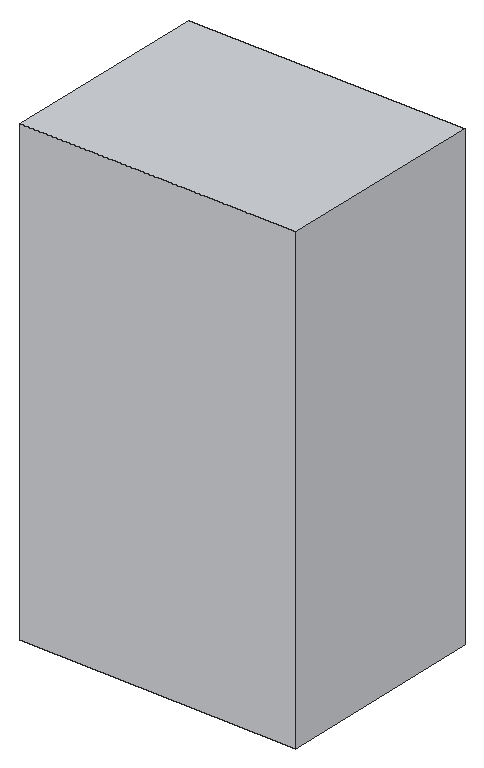
Revit family
Parameters
  Warranty Duration (Years) = 0
  Unit Width [instance] = 1' - 8 177/256"
  Unit Height [instance] = 0' - 9 99/256"
  Unit Depth = 0' - 0"
  URL = "http://www.americanspecialties.com/viewCategories.cfm"
  Trim Material = Glass 2
  Test Data = ""
  Specification = "http://www.arcat.com/sdspecs/htm/10810asi.htm"
  SpecWizard = ""
  Send Message = "http://www.arcat.com/users.pl?action=UserEmail&company=American%20Specialties,%20Inc.&coid=30448&rep=139&fax=914-476-0688&mf="
  Sales Information = "http://www.americanspecialties.com/contact"
  Revision = "R1_10-2010"
  Product Properties = "http://www.americanspecialties.com/datasheets/0361.pdf"
  Product Data = "http://www.arcat.com/arcatcos/cos30/arc30448.html"
  Model = "As Specified in 10 28 13"
  Manufacturer Website = "http://www.americanspecialties.com/viewCategories.cfm"
  Manufacturer Phone - Toll Free = ""
  Manufacturer Phone = "914-476-9000 "
  Manufacturer Fax = "914-476-0688"
  Manufacturer Address = "441 Saw Mill River Rd., Yonkers, NY 10701"
  Manufacturer = "American Specialties, Inc."
  Maintenance Schedule (Months) = 0
  Keynote = "10 28 13"
  Installation-Fabrication = "http://www.americanspecialties.com/products.cfm"
  Green Building-LEED = ""
  Expected Lifespan (Years) = 0
  Drawn By = "Robert S. Weygant. CSI, CDT, SCIP"  # constant formula
  Description = "Toilet Accessory as Specified in 10 28 13"
  Default Elevation = 4' - 0"
  Copyright = "©Arcat Inc."
  Construction Details = "http://www.arcat.com/green/clients/leed_data_30448.html"
  Building Codes = "http://www.americanspecialties.com/products.cfm"
  Body Material = Metal - Stainless Steel
  Assembly Code = "C1030210"
Reference planes (in)
  plane 1 "Center (Front/Back)": y = -0.29112
  plane 2 "Floor Line": z = 0
  plane 3 "Center (Left/Right)": x = -0.65843
  plane 4: z = 52.69336
  plane 5: x = -11.00414
  plane 6: x = 9.68727
  plane 7: z = 48
  plane 8: z = 57.38672
Forms (in)
  Extrusion 1, solid
    sketch origin (-3, -9, -6) x (0, 0, -1) y (1, 0, 0)
      loop
        line (-82, 26) -> (-82, -19.34712) -> (-6, -19.34712) -> (-6, 26) -> (-82, 26)
    from 9 to -25.60721
  Extrusion 2, solid, material "Metal - Stainless Steel" <- "Body Material"
    sketch origin (-2.97093, 0, 0) x (0, 1, 0) y (0, 0, 1)
      loop
        line (4.33306, 4.4375) -> (-2.34031, 4.4375) -> (-4.53449, 4.272)
        arc (-4.53449, 4.272) -> (-4.59183, 4.24647) -> (-4.62322, 4.19211) r 0.10156
        line (-4.62322, 4.19211) -> (-5.07567, 2.06346) -> (-5.49815, 1.53332) -> (-5.49815, 0.10156)
        arc (-5.49815, 0.10156) -> (-5.4684, 0.02975) -> (-5.39659, 0) r 0.10156
        line (-5.39659, 0) -> (4.81435, 0) -> (4.43423, 4.34479)
        arc (4.43423, 4.34479) -> (4.40167, 4.41082) -> (4.33306, 4.4375) r 0.10156
    from 0 to 4.625
  Revolve 3, void
    sketch origin (0, 0, 4.4375) x (1, 0, 0) y (0, 1, 0)
      loop
        spline (-0.64824, -0.29112) -> (-0.59441, -0.26738) -> (-0.54172, -0.19666) -> (-0.49128, -0.08045) -> (-0.44415, 0.07879) -> (-0.40132, 0.27771) -> (-0.36371, 0.51211) -> (-0.3321, 0.77703) -> (-0.30716, 1.0669) -> (-0.28942, 1.37559) -> (-0.27926, 1.69658) -> (-0.27687, 2.02312) -> (-0.28233, 2.34829)
        spline (-0.28233, 2.34829) -> (-0.27687, 2.51245) -> (-0.27926, 2.6773) -> (-0.28942, 2.83935) -> (-0.30716, 2.99518) -> (-0.3321, 3.14151) -> (-0.36371, 3.27526) -> (-0.40132, 3.39359) -> (-0.44415, 3.494) -> (-0.49128, 3.5744) -> (-0.54172, 3.63306) -> (-0.59441, 3.66876) -> (-0.64824, 3.68075)
        line (-0.64824, 3.68075) -> (-0.64824, -0.29112)
      axis (-0.64824, -0.29112) -> (-0.64824, 3.68075)
    angle from 0 to 360
  Revolve 4, solid, material "Glass 2" <- "Trim Material"
    sketch origin (0, 0, 4.43727) x (1, 0, 0) y (0, 1, 0)
      loop
        spline (-0.64824, -0.29098) -> (-0.5944, -0.26735) -> (-0.54169, -0.19672) -> (-0.49123, -0.08057) -> (-0.44409, 0.07863) -> (-0.40125, 0.27753) -> (-0.36362, 0.51193) -> (-0.332, 0.77688) -> (-0.30705, 1.06678) -> (-0.2893, 1.37552) -> (-0.27913, 1.69658) -> (-0.27674, 2.02318) -> (-0.2822, 2.34843)
        spline (-0.2822, 2.34843) -> (-0.27674, 2.51262) -> (-0.27913, 2.6775) -> (-0.2893, 2.83958) -> (-0.30705, 2.99544) -> (-0.332, 3.14179) -> (-0.36362, 3.27554) -> (-0.40125, 3.39387) -> (-0.44409, 3.49429) -> (-0.49123, 3.57466) -> (-0.54169, 3.63329) -> (-0.5944, 3.66895) -> (-0.64824, 3.68088)
        line (-0.64824, 3.68088) -> (-0.64824, -0.29098)
      axis (-0.64824, -0.29098) -> (-0.64824, 3.68088)
    angle from 0 to 180
Cuts and joins
  Revolve 3 cuts Extrusion 2
Dimensions and locks (in)
  equal spacing: plane 8, plane 4, plane 7
  equal spacing: plane 6, plane 3 "Center (Left/Right)", plane 5
  "Unit Width": plane 6 to plane 5
  "Unit Height": plane 8 to plane 7
  "Default Elevation": plane 7 to plane 2 "Floor Line"
Automatic sketch dimensions
  Extrusion 1 sketch curve to Extrusion 1 sketch curve = 6' - 4"
  Extrusion 1 sketch curve to Extrusion 1 sketch curve = 3' - 9.34712"
  Extrusion 2 sketch curve to level = 0' - 0"
  level to Extrusion 2 sketch curve = 0' - 0 13/128"
  plane 1 "Center (Front/Back)" to Extrusion 2 sketch curve = 0' - 5 53/256"
  level to Extrusion 2 sketch curve = 0' - 2.06346"
  Extrusion 2 sketch curve to Extrusion 2 sketch curve = 0' - 0.42247"
  Extrusion 2 sketch curve to Extrusion 2 sketch curve = 0' - 0.45246"
  Extrusion 2 sketch curve to Extrusion 2 sketch curve = 0' - 0.08873"
  Extrusion 2 sketch curve to Extrusion 2 sketch curve = 0' - 0.09934"
  plane 1 "Center (Front/Back)" to Extrusion 2 sketch curve = 0' - 2.04919"
  Extrusion 2 sketch curve to plane 1 "Center (Front/Back)" = 0' - 4.62417"
  Extrusion 2 sketch curve to Extrusion 2 sketch curve = 0' - 0.10118"
  Extrusion 2 sketch curve to Extrusion 2 sketch curve = 0' - 0.38012"
  Extrusion 2 sketch curve to Extrusion 2 sketch curve = 0' - 0.53014"
  Extrusion 2 sketch curve to Extrusion 2 sketch curve = 0' - 2.10754"
  Extrusion 2 sketch curve to Extrusion 2 sketch curve = 0' - 0.02112"
  level to Extrusion 2 sketch curve = 0' - 4 43/128"
  Extrusion 2 sketch curve to Extrusion 2 sketch curve = 0' - 0.00885"
  Revolve 3 sketch curve to plane 1 "Center (Front/Back)" = 0' - 0"  (x2)
  plane 3 "Center (Left/Right)" to Revolve 3 sketch curve = 0' - 0.0102"
  Revolve 3 sketch curve to Revolve 3 sketch curve = 0' - 0"  (x2)
  plane 3 "Center (Left/Right)" to Revolve 3 sketch curve = 0' - 0.37611"
  Revolve 3 sketch curve to plane 1 "Center (Front/Back)" = 0' - 2 1/4"
  Revolve 3 sketch curve to Revolve 3 sketch curve = 0' - 0.38941"
  Revolve 3 sketch curve to Revolve 3 sketch curve = 0' - 0.19659"
  Revolve 3 sketch curve to Revolve 3 sketch curve = 0' - 1.13587"
  plane 3 "Center (Left/Right)" to Revolve 4 sketch curve = 0' - 0.0102"
  Revolve 4 sketch curve to Revolve 4 sketch curve = 0' - 0"  (x3)
  plane 3 "Center (Left/Right)" to Revolve 4 sketch curve = 0' - 0.01033"  (x2)
  plane 3 "Center (Left/Right)" to Revolve 4 sketch curve = 0' - 0.37624"
  Revolve 4 sketch curve to plane 1 "Center (Front/Back)" = 0' - 0.00013"
  Revolve 4 sketch curve to Revolve 4 sketch curve = 0' - 2 1/4"
  Revolve 4 sketch curve to Revolve 4 sketch curve = 0' - 0.38941"
  Revolve 4 sketch curve to Revolve 4 sketch curve = 0' - 0.19659"
  Revolve 4 sketch curve to Revolve 4 sketch curve = 0' - 1.13587"
